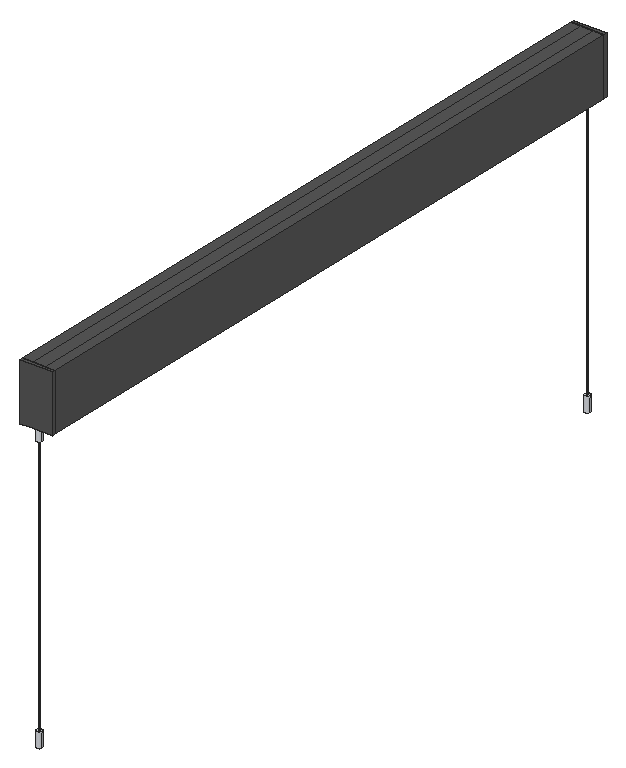
Revit family "EOS2.0-P-I", category Lighting Fixtures, host Face, Revit 2018
Family settings
  Host = Face
  Round Connector Dimension = Use Diameter
  Part Type = Normal
  Cut with Voids When Loaded = No
  Light Source = Yes
  Shared = Yes
  Room Calculation Point = Yes
Parameters (values of type "4' Indirect")
  Wattage = 17.6471 W
  built-in parameter 1150110 = 1 (stored number, unit not read)
  Voltage = 0 V
  Type Comments = "LUX ILLUMINAIRE"
  built-in parameter 1114217 = 1 (stored number, unit not read)
  Tilt Angle = 90.00°
  built-in parameter 1150109 = 1 (stored number, unit not read)
  built-in parameter 1150134 = 12
  Switch Leg Visibility = no
  Switch Leg [instance] = ""
  Suspension Length [instance] = 2' - 0"
  built-in parameter 1150113 = 1 (stored number, unit not read)
  Photometric Web File = "EOS 4.0-P-D 375 4 40K 8.ies"
  Material [instance] = LUX ILLUMINAIRE Black
  Manufacturer = ""
  built-in parameter 1150105 = 119.37 (stored number, unit not read)
  Lumens = 1500 lm
  built-in parameter 1150115 = 1 (stored number, unit not read)
  built-in parameter 1150137 = (empty or 0)
  built-in parameter 1150139 = (empty or 0)
  built-in parameter 1150112 = 1 (stored number, unit not read)
  built-in parameter 1150114 = 1 (stored number, unit not read)
  Lamp = "LED"
  built-in parameter 1150132 = 2
  built-in parameter 1150102 = (empty or 0)
  built-in parameter 1150107 = 4000 (stored number, unit not read)
  built-in parameter 1150138 = (empty or 0)
  built-in parameter 1150106 = 1.1937 (stored number, unit not read)
  Fixture Width = 0' - 2 1/4"  # constant formula
  Fixture Symbol Visiblity = yes
  Fixture Length = 4' - 0"
  Emit from Rectangle Width = Fixture Width - 0' 0 1/4"  # 0' - 2"
  Emit from Rectangle Length = Fixture Length  # 4' - 0"
  Emit Shape Visible in Rendering = yes
  Emergency Lighting [instance] = no
  built-in parameter 1150104 = 7.8968 (stored number, unit not read)
  Dimming Lamp Color Temperature Shift = <None>
  Default Elevation = 25' - 1 51/256"
  Color Filter = 16777215
  built-in parameter 1140040 [instance] = 1
  built-in parameter 1114218 = 1 (stored number, unit not read)
  built-in parameter 1150133 = 10 (stored number, unit not read)
  Apparent Load = 13.7 VA
Types (6): name | Wattage | Type Comments | Manufacturer | built-in parameter 1150105 | Lumens | built-in parameter 1150106 | Fixture Length | Emit from Rectangle Length | Default Elevation | Apparent Load
  3' Indirect | 13.2353 W | "LUX ILLUMINAIRE" | "" | 89.525 (stored number, unit not read) | 1125 lm | 0.89525 (stored number, unit not read) | 3' - 0" | 3' - 0" | 25' - 1 51/256" | 13.7 VA
  4' Indirect | 17.6471 W | "LUX ILLUMINAIRE" | "" | 119.37 (stored number, unit not read) | 1500 lm | 1.1937 (stored number, unit not read) | 4' - 0" | 4' - 0" | 25' - 1 51/256" | 13.7 VA
  5' Indirect | 22.0588 W | "LUX ILLUMINAIRE" | "" | 149.21 (stored number, unit not read) | 1875 lm | 1.4921 (stored number, unit not read) | 5' - 0" | 5' - 0" | 4' - 0" | 17.2 VA
  6' Indirect | 26.4706 W | 0' - 0" | "LUX ILLUMINAIRE" | 179.05 (stored number, unit not read) | 2250 lm | 1.7905 (stored number, unit not read) | 6' - 0" | 6' - 0" | 4' - 0" | 20.6 VA
  7' Indirect | 30.8824 W | 0' - 0" | "LUX ILLUMINAIRE" | 208.89 (stored number, unit not read) | 2625 lm | 2.0889 (stored number, unit not read) | 7' - 0" | 7' - 0" | 4' - 0" | 24 VA
  8' Indirect | 35.2941 W | 0' - 0" | "LUX ILLUMINAIRE" | 238.73 (stored number, unit not read) | 3000 lm | 2.3873 (stored number, unit not read) | 8' - 0" | 8' - 0" | 4' - 0" | 27.4 VA
Reference planes (in)
  plane 1 "Center (Front/Back)": y = 0
  plane 2: z = 0
  plane 3 "Center (Left/Right)": x = 0
  plane 4: x = 1.125
  plane 5: x = -1.125
  plane 6: y = 24
  plane 7: y = -24
  plane 8: z = 24
  plane 9: y = 24.25
  plane 10: y = -24.25
  plane 11: z = 1
  plane 12: z = 20
  plane 13: z = 19.25
Forms (in)
  Extrusion 1, solid, material "LUX ILLUMINAIRE Black" <- "Material"
    sketch origin (-0.00025, 0, 44.17554) x (-1, 0, 0) y (0, 0, -1)
      loop
        line (-1.12525, 20.17554) -> (-0.437, 20.17554) -> (0.438, 20.17554) -> (1.12626, 20.17554) -> (1.12626, 24.17704) -> (1.04127, 24.17704) -> (1.04127, 24.06404) -> (0.88928, 24.082) -> (-0.8887, 24.082) -> (-1.04026, 24.06403) -> (-1.04026, 24.17704) -> (-1.12525, 24.17704) -> (-1.12525, 20.17554)
    from -24 to 24
  Extrusion 2, solid, material "LUX ILLUMINAIRE Black" <- "Material"
    sketch origin (0, 0, 0) x (1, 0, 0) y (0, 0, 1)
      loop
        line (-1.12525, 24) -> (-1.12525, 19.9985) -> (-0.437, 19.9985) -> (0.438, 19.9985) -> (1.12626, 19.9985) -> (1.12626, 24) -> (-1.12525, 24)
    from 24 to 24.25
  Extrusion 3, solid
    sketch origin (0, 0, 0) x (1, 0, 0) y (0, 1, 0)
      loop
        circle (0.00029, -24) r 0.1875
    from 0 to 1
  Extrusion 4, solid
    sketch origin (0, 0, 0) x (1, 0, 0) y (0, 1, 0)
      loop
        circle (0.0005, -24) r 0.03125
    from 1 to 19.25
  Extrusion 5, solid
    sketch origin (0, 0, 0) x (1, 0, 0) y (0, 1, 0)
      loop
        circle (0.0005, -24) r 0.18729
    from 19.25 to 20
  Extrusion 6, solid, not visible
    sketch origin (0, 0, 0) x (1, 0, 0) y (0, 1, 0)
      loop
        circle (0.00029, -24) r 0.1875
    from 0 to 1
  Extrusion 7, solid, not visible
    sketch origin (0, 0, 0) x (1, 0, 0) y (0, 1, 0)
      loop
        circle (0.0005, -24) r 0.03125
    from 1 to 13.33203
  Extrusion 8, solid, not visible
    sketch origin (0, 0, 0) x (1, 0, 0) y (0, 1, 0)
      loop
        circle (0.0005, -24) r 0.18729
    from 13.33203 to 14.08203
  Extrusion 9, solid, material "LUX ILLUMINAIRE Black" <- "Material"
    sketch origin (0.00056, 24, 0) x (1, 0, 0) y (0, 0, -1)
      loop
        line (-1.12556, -24) -> (1.12444, -24) -> (1.12444, -19.9985) -> (0.438, -19.9985) -> (-0.437, -19.9985) -> (-1.12556, -19.9985) -> (-1.12556, -24)
    from 0 to 0.25
  Extrusion 10, solid
    sketch origin (0, 0, 0) x (1, 0, 0) y (0, 1, 0)
      loop
        circle (0.00029, 24) r 0.1875
    from 0 to 1
  Extrusion 11, solid
    sketch origin (0, 0, 0) x (1, 0, 0) y (0, 1, 0)
      loop
        circle (0.0005, 24) r 0.03125
    from 1 to 19.25
  Extrusion 12, solid
    sketch origin (0, 0, 0) x (1, 0, 0) y (0, 1, 0)
      loop
        circle (0.0005, 24) r 0.18729
    from 19.25 to 20
Lines and regions (in)
  symbolic lines, visible <- "Fixture Symbol Visiblity"
    curve 1: line (-1.125, 24, 0) -> (1.125, 24, 0)
    curve 2: line (-1.125, -24, 0) -> (-1.125, 24, 0)
    curve 3: line (1.125, -24, 0) -> (-1.125, -24, 0)
    curve 4: line (1.125, 24, 0) -> (1.125, -24, 0)
Dimensions and locks (in)
  plane 5 to plane 4 = 0' - 2 1/4"
  equal spacing: plane 7, plane 1 "Center (Front/Back)", plane 6
  "Fixture Length": plane 7 to plane 6
  plane 8 to host face = 2' - 0"
  locked: plane 6 to plane 9 at 0.25
  locked: plane 10 to plane 7 at 0.25
  "Suspension Length": plane 8 to level
  "Fixture Width": plane 4 to plane 5
  equal spacing: plane 4, plane 3 "Center (Left/Right)", plane 5
  locked: nested 2 to plane 10 at 9.5
  locked: imposter light to plane 12 at 0.01107
  plane 8 to plane 12 to plane 13 = 0' - 4" locked, 0' - 0 3/4" locked
  aligned and locked: plane 2 to host face
  aligned and locked: level to host face
  aligned and locked: Extrusion 9 to plane 5
  aligned and locked: plane 4 to Extrusion 9
  aligned and locked: plane 6 to Extrusion 9
  aligned and locked: Extrusion 1 to plane 6
  aligned and locked: plane 10 to Extrusion 2
  aligned and locked: Extrusion 2 to plane 7
  aligned and locked: plane 7 to Extrusion 1
  aligned and locked: Extrusion 9 to plane 9
  aligned and locked: plane 12 to Extrusion 12
  aligned and locked: Extrusion 12 to plane 13
  aligned and locked: plane 13 to Extrusion 11
  aligned and locked: plane 12 to Extrusion 5
  aligned and locked: Extrusion 5 to plane 13
  aligned and locked: plane 13 to Extrusion 4
  aligned and locked: plane 7 to nested 1
  aligned and locked: plane 6 to curve 1
  aligned and locked: plane 5 to curve 2
  aligned and locked: curve 3 to plane 7
  aligned and locked: curve 4 to plane 4
  aligned and locked: nested 1 to plane 6
  aligned and locked: plane 8 to Extrusion 9
  aligned and locked: plane 8 to Extrusion 1
  aligned and locked: plane 8 to Extrusion 2
Automatic sketch dimensions
  host sketch curve to host sketch curve = 8' - 0"  (x2)
  Extrusion 2 sketch curve to plane 5 = 0' - 0.00025"
  Extrusion 2 sketch curve to plane 12 = 0' - 0.0015"
  Extrusion 2 sketch curve to plane 3 "Center (Left/Right)" = 0' - 0.437"
  plane 3 "Center (Left/Right)" to Extrusion 2 sketch curve = 0' - 0.438"
  plane 4 to Extrusion 2 sketch curve = 0' - 0.00126"
  plane 8 to Extrusion 2 sketch curve = 0' - 0"
  plane 5 to Extrusion 9 sketch curve = 0' - 0"
  Extrusion 9 sketch curve to plane 12 = 0' - 0.0015"
  Extrusion 9 sketch curve to plane 3 "Center (Left/Right)" = 0' - 0.43644"
  plane 3 "Center (Left/Right)" to Extrusion 9 sketch curve = 0' - 0.43856"
  plane 4 to Extrusion 9 sketch curve = 0' - 0"
  plane 8 to Extrusion 9 sketch curve = 0' - 0"
  Extrusion 1 sketch curve to plane 4 = 0' - 0"
  Extrusion 1 sketch curve to plane 4 = 0' - 0.08499"
  Extrusion 1 sketch curve to Extrusion 1 sketch curve = 0' - 0.15157"
  plane 8 to Extrusion 1 sketch curve = 0' - 0"
  plane 3 "Center (Left/Right)" to Extrusion 1 sketch curve = 0' - 0.43674"
  Extrusion 1 sketch curve to plane 3 "Center (Left/Right)" = 0' - 0.43826"
  plane 12 to Extrusion 1 sketch curve = 0' - 0.09354"
  plane 5 to Extrusion 1 sketch curve = 0' - 0.23547"
  Extrusion 1 sketch curve to plane 12 = 0' - 0.0015"  (x2)
  plane 5 to Extrusion 1 sketch curve = 0' - 0.08348"
  Extrusion 1 sketch curve to plane 5 = 0' - 0.00152"
  plane 12 to Extrusion 1 sketch curve = 0' - 0.11151"
  plane 12 to Extrusion 1 sketch curve = 0' - 0.1115"
  plane 7 to Extrusion 3 sketch curve = 0' - 0"
  plane 3 "Center (Left/Right)" to Extrusion 3 sketch curve = 0' - 0.00029"
  plane 7 to Extrusion 4 sketch curve = 0' - 0"
  plane 3 "Center (Left/Right)" to Extrusion 4 sketch curve = 0' - 0.0005"
  plane 7 to Extrusion 5 sketch curve = 0' - 0"
  plane 3 "Center (Left/Right)" to Extrusion 5 sketch curve = 0' - 0.0005"
  plane 6 to Extrusion 10 sketch curve = 0' - 0"
  plane 3 "Center (Left/Right)" to Extrusion 10 sketch curve = 0' - 0.00029"
  plane 6 to Extrusion 11 sketch curve = 0' - 0"
  plane 3 "Center (Left/Right)" to Extrusion 11 sketch curve = 0' - 0.0005"
  plane 6 to Extrusion 12 sketch curve = 0' - 0"
  plane 3 "Center (Left/Right)" to Extrusion 12 sketch curve = 0' - 0.0005"
  radius of Extrusion 6 sketch curve = 0' - 0 3/16"
  radius of Extrusion 7 sketch curve = 0' - 0 1/32"
  radius of Extrusion 8 sketch curve = 0' - 0.18729"
  radius of Extrusion 3 sketch curve = 0' - 0 3/16"
  radius of Extrusion 4 sketch curve = 0' - 0 1/32"
  radius of Extrusion 5 sketch curve = 0' - 0.18729"
  radius of Extrusion 10 sketch curve = 0' - 0 3/16"
  radius of Extrusion 11 sketch curve = 0' - 0 1/32"
  radius of Extrusion 12 sketch curve = 0' - 0.18729"
Nested families (in)
  nested 1: "Emergency Symbol Rectangle" at (-10.85752, 0, 0) x (0, 1, 0) z (0, 0, 1), visible <- "Emergency Lighting", type "Emergency Symbol Rectangle"
    with Width 0' - 8.46504", Length 4' - 0"
  nested 2: "Switch Leg Annotation" at (9.99627, -14.75, 0) x (0, 1, 0) z (0, 0, 1), visible <- "Switch Leg Visibility", Switch Leg Annotation <- "Switch Leg", type "Switch Leg Annotation"
    with Switch Leg Annotation ""
Connectors (in)
  electrical at (0.00029, 24, 0), driven by "Apparent Load", driven by "Voltage"
    settings: on Extrusion 10, index 1, voltage 0 V, apparent load 0 VA, apparent load phase1 13.7 VA, apparent load phase2 0 VA, apparent load phase3 0 VA, power factor 1, load classification "Other", number of poles 1, system type 31, power factor state 1, is connector primary yes, connector utility no, sub classification motor no, connector description ""
Definition of nested family "Emergency Symbol Rectangle"
  Parameters (values of type "Emergency Symbol Rectangle")
    Width [instance] = 0' - 8 1/2"
    Length [instance] = 5' - 0"
    Emergency Visibility = no
  Reference planes (in)
    plane 1 "Center (Front/Back)": y = -7.75
    plane 2: z = 0
    plane 3 "Center (Left/Right)": x = -24
    plane 4: x = 24
    plane 5: x = -36
    plane 6: y = -3.5
    plane 7: y = -12
  Lines and regions (in)
    Filled region 1, type "Solid Fill - Black", in view "Ref. Level", detail levels coarse+medium
      outline origin (0, 0.25, 0) x (1, 0, 0) y (0, 1, 0)
        loop
          line (-36, -12.25) -> (24, -12.25) -> (-36, -10.125) -> (-36, -12.25)
  Dimensions and locks (in)
    equal spacing: plane 7, plane 1 "Center (Front/Back)", plane 6
    "Width": plane 7 to plane 6
    "Length": plane 5 to plane 4
    aligned and locked: plane 5 to Filled region 1
  Automatic sketch dimensions
    plane 1 "Center (Front/Back)" to Filled region 1 sketch curve = 0' - 2 1/8"
    Filled region 1 sketch curve to plane 3 "Center (Left/Right)" = 1' - 0"
    Filled region 1 sketch curve to plane 4 = 0' - 0"
    Filled region 1 sketch curve to plane 7 = 0' - 0"
Definition of nested family "Switch Leg Annotation"
  Parameters (values of type "Switch Leg Annotation")
    Switch Leg Annotation [instance] = ""
  Reference planes (in)
    plane 1: y = 0
    plane 2: x = 0
  Text (in)
    label "a" at (0.00527, 0.01239, 0), shows "Switch Leg Annotation"
